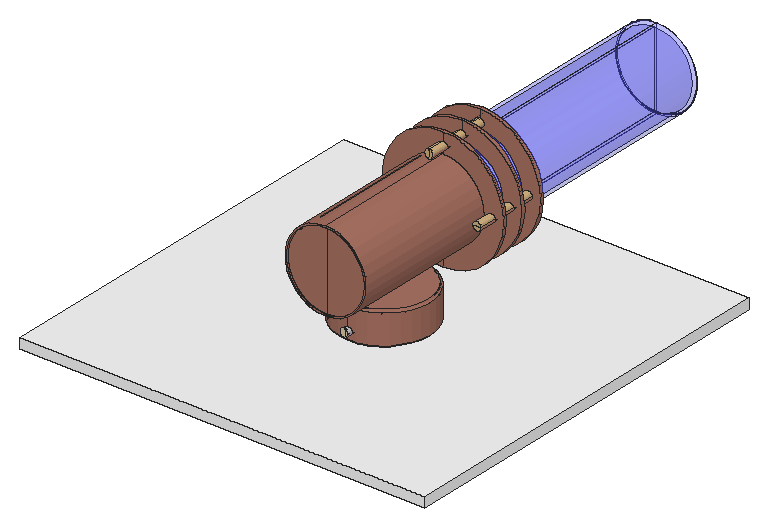
Revit family "BE_31094_en_GB", category Leuchten, Revit 2020
Family settings
  Basisbauteil = Fläche
  Bemaßung runder Anschluss = Durchmesser verwenden
  Teiletyp = Normal
  Beim Laden mit Abzugskörper schneiden = Ja
  Lichtquelle = Ja
  Gemeinsam genutzt = Nein
  Raumberechnungspunkt = Ja
Parameters (values of type "BEGA_31094_K3")
  Weight = "2.0 kg"
  Voltage = 239.996 V
  Update = "2022-05-18T04:00:13"
  URL = "https://www.bega.com/de/produkt/31094"
  Typenkommentare = "© 2020 BEGA. Technical amendments reserved."
  Surface_temperature = ""
  Service_life_criteria = "L70B50 @ 25 °C = 200000 h"
  Serial_number [instance] = "Here you can enter the individual serial number for use in facility management."
  Safety_class = "I"
  Restrictions_to_operation_position [instance] = ""
  Protection_class = "IP 44"
  Product_data_sheet = "https://cdn.bega.com/bega/products/31094K3/current/documents/data-sheets/en"
  Order_number = "31094K3"
  Number_of_luminaires = ""
  Modell = "31094K3"
  Material_31 = BEGA_finishes_brass_matt
  Material_28 = BEGA_finishes_copper_matt
  Material_18 = BEGA_rubber_black
  Material_17 = BEGA_reflector
  Material_15 = BEGA_lighting_medium_matt
  Material_11 = BEGA_glass_opal
  Material_09 = BEGA_glass_clear
  Material_06 = BEGA_finishes_stainless_steel_brushed
  Material_03 = BEGA_finishes_white_matt
  Material_02 = BEGA_finishes_silver_matt
  Material_01 [instance] = BEGA_finishes_graphite_matt
  Hersteller = "BEGA"  # constant formula
  M_W = no
  M_G = no
  M_A = no
  Luminaire_luminous_flux = "383 lm"
  Logo = 0
  Load_Classification = Lighting
  Lamp_luminous_flux = "590 lm"
  Lampe = "LED 2.9 W"
  LED_module_designation = "LED-0317/830"
  Half_beam_angle = ""
  Frequency = "0/50-60 Hz"
  Fixing_hole = "Ø 4,5 mm"
  Fixing_distance = "52 mm"
  Energy_efficiency_class = "LED A++ - A"
  built-in parameter 1150104 = 17.782 (stored number, unit not read)
  Wattage = 2.9 W
  ENEC = "yes"
  Distance_to_illuminated_objects [instance] = ""
  Description_custom_made_product = "Here you can specify modifications of your custom-made product"
  Beschreibung = "Wall luminaire"
  Default Elevation = 0 mm
  built-in parameter 1150113 = 1 (stored number, unit not read)
  Custom_made_product = no
  Current = ""
  Connecting_cable = ""
  Connected_wattage [instance] = "3.9 W"
  Colour_temperature = "3000 K"
  Colour_rendering_index = "CRI > 80"
  CE_conformity = "yes"
  Bega_IES = yes
  Ballproof = ""
  built-in parameter 1114218 = 1 (stored number, unit not read)
  built-in parameter 1150134 = (empty or 0)
  built-in parameter 1150109 = 1 (stored number, unit not read)
  built-in parameter 1150110 = 1 (stored number, unit not read)
  Tilt Angle = 0.00°
  built-in parameter 1114217 = 1 (stored number, unit not read)
  built-in parameter 1150139 = (empty or 0)
  built-in parameter 1150105 = 44.17 (stored number, unit not read)
  built-in parameter 1150114 = 1 (stored number, unit not read)
  Lumens = 555.06 lm
  built-in parameter 1150115 = 1 (stored number, unit not read)
  built-in parameter 1150112 = 1 (stored number, unit not read)
  built-in parameter 1150142 = (empty or 0)
  Dimming Lamp Color Temperature Shift = (empty or 0)
  Color Filter = 16777215
  BEGA_internal_structure = yes
  BEGA_internal_on = yes
  BEGA_internal_off = yes
  BEGA_internal = yes
  BEGA_dummy = no
  built-in parameter 1150133 = 10 (stored number, unit not read)
  built-in parameter 1150137 = (empty or 0)
  built-in parameter 1150132 = (empty or 0)
  Datei für fotometrisches Netz = "BE_31094K3.IES"
  built-in parameter 1150106 = 0.4417 (stored number, unit not read)
  built-in parameter 1150107 = 3000 (stored number, unit not read)
  built-in parameter 1150102 = (empty or 0)
  built-in parameter 1150138 = (empty or 0)
  Apparent Load = 0 VA
  Ambient_temperature = "25 °C"
  AC/DC = "AC/DC"
Reference planes
  plane 1 "Center (Front/Back)": y = 0
  plane 2: z = 0
  plane 3 "Center (Left/Right)": x = 0
  plane 4 "left": x = -60
  plane 5 "right": x = 60
  plane 6 "down": y = -72.5
  plane 7 "up": y = 337.5
  plane 8 "Back": z = 0
  plane 9 "Front": z = 133.673
Forms (mm)
  Extrusion 1, solid, material "BEGA_plate_white"
    sketch origin (0, 0, 0) x (1, 0, 0) y (0, 1, 0)
      loop
        line (-200, 200) -> (-200, -200) -> (200, -200) -> (200, 200) -> (-200, 200)
    from 0 to -10
  Extrusion 2, solid, material "BEGA_Dummy_matt", visible <- "BEGA_dummy"
    sketch origin (80.095, -76.023, 0) x (1, 0, 0) y (0, 1, 0)
      loop
        line (-140.095, 413.523) -> (-140.095, 3.523) -> (-20.095, 3.523) -> (-20.095, 413.523) -> (-140.095, 413.523)
    from 0 to 133.673
Dimensions and locks
  aligned and locked: plane 2 to Extrusion 1
  aligned and locked: level to Extrusion 1
Nested families
  nested 1: "BE_31094" at (0, 0, 0), type "BE_31094"
Connectors
  electrical at (0, 0, 0), driven by "Apparent Load", driven by "Load_Classification", driven by "Voltage"
    settings: on Extrusion 1, index 1, voltage 239.996 V, apparent load 0 VA, apparent load phase1 0 VA, apparent load phase2 0 VA, apparent load phase3 0 VA, power factor 1, load classification "Lighting", number of poles 1, system type 31, power factor state 1, is connector primary yes, connector utility no, sub classification motor no, connector description ""
Definition of nested family "BE_31094"
  Parameters (values of type "BE_31094")
    Default Elevation = 1 mm
    URL = "http://www.bega.de/de/produkt"
    Type Comments = "© 2015 BEGA. Wir behalten uns das Recht vor, technische Änderungen ohne vorherige Ankündigung vorzunehmen. "  # constant formula
    Type Image = (empty or 0)
    Neigungswinkel_um_Z2 = 0.00°
    Neigungswinkel_um_Z1 = 0.00°
    Neigungswinkel_um_Y2 = 0.00°
    Neigungswinkel_um_Y1 = 0.00°
    Neigungswinkel_um_X2 = 0.00°
    Neigungswinkel_um_X1 = 0.00°
    Material_31 = none
    Material_28 = none
    Material_18 = none
    Material_17 = none
    Material_15 = none
    Material_11 = none
    Material_09 = none
    Material_06 = none
    Material_05 = none
    Material_03 = none
    Material_02 = none
    Material_01 = none
    M_W = yes
    M_G = yes
    M_A = yes
    Länge_Platte = 200 mm  # constant formula
    Höhe_Platte = -10 mm  # constant formula
    Manufacturer = "BEGA"  # constant formula
    Drehwinkel_um_Z2 = 0.00°
    Drehwinkel_um_Z1 = 0.00°
    Breite_Platte = 200 mm  # constant formula
  Reference planes
    plane 1 "Mitte (Oben/Unten)": y = 0
    plane 2: z = 0
    plane 3 "Mitte (Links/Rechts)": x = 0
    plane 4: y = 337.5
    plane 5: z = 133.673
    plane 6: y = -72.5
    plane 7: z = 0
    plane 8: x = -60
    plane 9: x = 60
  Forms (mm)
    Extrusion 1, solid, detail levels medium
      sketch origin (0, 0, 0) x (1, 0, 0) y (0, 1, 0)
        loop
          line (-100, 100) -> (-100, -100) -> (100, -100) -> (100, 100) -> (-100, 100)
      from 0 to -10 <- "Höhe_Platte"
    Revolve 2, solid, material <- "Material_06", detail levels fine
      sketch origin (0, 0, 0) x (0, 1, 0) y (0, 0, 1)
        loop
          line (-49.382, 8.747) -> (-40.021, 8.747) -> (-40.021, 12.7) -> (-49.382, 12.7) -> (-49.382, 8.747)
        axis (-40.021, 8.747) -> (-49.382, 8.747)
      angle from 0 to 360
    Revolve 3, solid, material <- "Material_06", detail levels fine
      sketch origin (0, 0, 10) x (-1, 0, 0) y (0, -1, 0)
        loop
          line (-32.173, -32.173) -> (-30.579, -33.768)
          arc (-30.579, -33.768) -> (-30.034, -33.871) -> (-29.729, -33.407) r 0.5
          arc (-29.729, -33.407) -> (-30.687, -32.527) -> (-31.621, -31.621) r 45.5
          line (-31.621, -31.621) -> (-32.173, -32.173)
        axis (-32.173, -32.173) -> (-31.466, -31.466)
      angle from 0 to 360
    Revolve 4, solid, material <- "Material_06", detail levels medium+fine
      sketch origin (0, 0, 0) x (0, 1, 0) y (0, 0, 1)
        loop
          line (0, 2.75) -> (31.5, 2.75) -> (33.511, 0.538)
          arc (33.511, 0.538) -> (34.027, 0.141) -> (34.662, 0) r 1.5
          line (34.662, 0) -> (44.75, 0) -> (44.75, 1.25) -> (34.7, 1.25) -> (32.7, 3.495)
          arc (32.7, 3.495) -> (32.193, 3.868) -> (31.577, 4) r 1.5
          line (31.577, 4) -> (0, 4) -> (0, 2.75)
        axis (0, 4) -> (0, 0)
      angle from 0 to 360
    Extrusion 5, void
      sketch origin (0, 0, 0) x (1, 0, 0) y (0, 1, 0)
        loop
          circle (0, -4) r 8.5
        loop
          circle (26, 0) r 2.25
        loop
          circle (-26, 0) r 2.25
      from 1.889 to 4.816
    Revolve 6, solid, material <- "Material_28", detail levels medium+fine
      sketch origin (0, 0, 0) x (0, 1, 0) y (0, 0, 1)
        loop
          line (72.787, 33.673) -> (72.787, 35.673) -> (-68.5, 35.673) -> (-68.5, 73.673) -> (-71.5, 73.673) -> (-71.5, 35.173) -> (-72.5, 35.173) -> (-72.5, 33.673) -> (72.787, 33.673)
        axis (72.787, 73.673) -> (-72.5, 73.673)
      angle from 0 to 360
    Revolve 7, solid, material <- "Material_11", detail levels medium+fine
      sketch origin (0, 0, 0) x (0, 1, 0) y (0, 0, 1)
        loop
          line (334.5, 111.173) -> (334.5, 73.673) -> (337.5, 73.673) -> (337.5, 113.173)
          arc (337.5, 113.173) -> (337.207, 113.88) -> (336.5, 114.173) r 1
          line (336.5, 114.173) -> (78.5, 114.173)
          arc (78.5, 114.173) -> (77.793, 113.88) -> (77.5, 113.173) r 1
          line (77.5, 113.173) -> (77.5, 108.173) -> (56.639, 105.423) -> (52, 105.423) -> (52, 101.423) -> (78.5, 101.423)
          arc (78.5, 101.423) -> (79.914, 102.009) -> (80.5, 103.423) r 2
          line (80.5, 103.423) -> (80.5, 109.173)
          arc (80.5, 109.173) -> (81.086, 110.587) -> (82.5, 111.173) r 2
          line (82.5, 111.173) -> (334.5, 111.173)
        axis (337.5, 73.673) -> (52, 73.673)
      angle from 0 to 360
    Extrusion 8, solid, material <- "Material_18", detail levels medium+fine
      sketch origin (0, 0, 0) x (0, 1, 0) y (0, 0, 1)
        loop
          line (-19.509, 34.037) -> (-19.509, 33.026) -> (19.5, 33.026) -> (19.5, 34.037) -> (-19.509, 34.037)
      from -7 to 7
    Revolve 9, solid, material <- "Material_28", detail levels medium+fine
      sketch origin (0, 0, 0) x (0, 1, 0) y (0, 0, 1)
        loop
          line (118.2, 133.673) -> (118.2, 115.673) -> (121.2, 115.673) -> (121.2, 133.673) -> (118.2, 133.673)
        loop
          line (95.2, 133.673) -> (95.2, 115.673) -> (98.2, 115.673) -> (98.2, 133.673) -> (95.2, 133.673)
        axis (121.2, 73.673) -> (95.2, 73.673)
      angle from 0 to 360
    Revolve 10, solid, material <- "Material_28", detail levels medium+fine
      sketch origin (0, 0, 0) x (0, 1, 0) y (0, 0, 1)
        loop
          line (72.5, 133.673) -> (72.5, 109.222) -> (75.2, 109.222) -> (75.2, 133.673) -> (72.5, 133.673)
        axis (75.2, 73.673) -> (72.5, 73.673)
      angle from 0 to 360
    Revolve 11, solid, material <- "Material_31", detail levels medium+fine
      sketch origin (0, 0, 79.635) x (0, 0, -1) y (0, 1, 0)
        loop
          arc (-41.522, 123.5) -> (-43.831, 122.888) -> (-45.522, 121.2) r 4.6
          line (-45.522, 121.2) -> (-44.122, 121.2) -> (-44.122, 118.2) -> (-45.522, 118.2) -> (-45.522, 55.5) -> (-41.522, 55.5) -> (-41.522, 123.5)
        axis (-41.522, 123.5) -> (-41.522, 55.5)
      angle from 0 to 360
    Revolve 12, solid, material <- "Material_28", detail levels medium+fine
      sketch origin (0, 0, 0) x (0, 1, 0) y (0, 0, 1)
        loop
          line (45.5, 1.25) -> (45.5, 29.75)
          arc (45.5, 29.75) -> (44.139, 30.711) -> (43.5, 32.25) r 3
          line (43.5, 32.25) -> (0, 32.25) -> (0, 29.75) -> (41.5, 29.75) -> (43.5, 27.75) -> (43.5, 1.25) -> (45.5, 1.25)
        axis (0, 32.25) -> (0, 1.25)
      angle from 0 to 360
    Extrusion 13, solid, material <- "Material_28", detail levels medium+fine
      sketch origin (0, 0, 0) x (1, 0, 0) y (0, 0, 1)
        loop
          arc (9.5, 34.818) -> (0, 33.673) -> (-9.5, 34.818) r 40
          line (-9.5, 34.818) -> (-9.5, 32.25) -> (9.5, 32.25) -> (9.5, 34.818)
      from -22.901 to 22.875
    Revolve 14, solid, material <- "Material_31", detail levels medium+fine
      sketch origin (5.962, 0, 73.673) x (-1, 0, 0) y (0, 1, 0)
        loop
          arc (-41.522, 123.5) -> (-43.831, 122.888) -> (-45.522, 121.2) r 4.6
          line (-45.522, 121.2) -> (-44.122, 121.2) -> (-44.122, 118.2) -> (-45.522, 118.2) -> (-45.522, 55.5) -> (-41.522, 55.5) -> (-41.522, 123.5)
        axis (-41.522, 123.5) -> (-41.522, 55.5)
      angle from 0 to 360
    Revolve 15, solid, material <- "Material_31", detail levels medium+fine
      sketch origin (-5.961, 0, 73.673) x (1, 0, 0) y (0, 1, 0)
        loop
          arc (-41.522, 123.5) -> (-43.831, 122.888) -> (-45.522, 121.2) r 4.6
          line (-45.522, 121.2) -> (-44.122, 121.2) -> (-44.122, 118.2) -> (-45.522, 118.2) -> (-45.522, 55.5) -> (-41.522, 55.5) -> (-41.522, 123.5)
        axis (-41.522, 123.5) -> (-41.522, 55.5)
      angle from 0 to 360
    Revolve 16, solid, material <- "Material_31", detail levels medium+fine
      sketch origin (0, 0, 67.712) x (0, 0, 1) y (0, 1, 0)
        loop
          arc (-41.522, 123.5) -> (-43.831, 122.888) -> (-45.522, 121.2) r 4.6
          line (-45.522, 121.2) -> (-44.122, 121.2) -> (-44.122, 118.2) -> (-45.522, 118.2) -> (-45.522, 55.5) -> (-41.522, 55.5) -> (-41.522, 123.5)
        axis (-41.522, 123.5) -> (-41.522, 55.5)
      angle from 0 to 360
    Revolve 17, solid, material <- "Material_06", detail levels fine
      sketch origin (0, 0, 10) x (1, 0, 0) y (0, 1, 0)
        loop
          line (-32.173, 32.173) -> (-31.621, 31.621)
          arc (-31.621, 31.621) -> (-30.687, 32.527) -> (-29.729, 33.407) r 45.5
          arc (-29.729, 33.407) -> (-30.034, 33.871) -> (-30.579, 33.768) r 0.5
          line (-30.579, 33.768) -> (-32.173, 32.173)
        axis (-32.173, 32.173) -> (-31.466, 31.466)
      angle from 0 to 360
  Cuts and joins
    Extrusion 5 cuts Revolve 4
    joined: Revolve 6, Revolve 9, Revolve 10, Revolve 12, Extrusion 13
  Dimensions and locks
    equal spacing: Extrusion 1 sketch curve, plane 3 "Mitte (Links/Rechts)", Extrusion 1 sketch curve
    equal spacing: Extrusion 1 sketch curve, plane 1 "Mitte (Oben/Unten)", Extrusion 1 sketch curve
    "Länge_Platte": Extrusion 1 sketch curve to Extrusion 1 sketch curve
    "Breite_Platte": Extrusion 1 sketch curve to Extrusion 1 sketch curve
    aligned and locked: Extrusion 1 to plane 2
    aligned and locked: level to Extrusion 1
  Automatic sketch dimensions
    Revolve 3 sketch curve to Revolve 3 sketch curve = 0.553 mm  (x2)
    Revolve 3 sketch curve to Revolve 3 sketch curve = 1.594 mm  (x2)
    Revolve 3 sketch curve to Revolve 3 sketch curve = 0.35 mm
    Revolve 3 sketch curve to plane 3 "Mitte (Links/Rechts)" = 0.553 mm
    Revolve 3 sketch curve to plane 1 "Mitte (Oben/Unten)" = 33.768 mm
    Revolve 3 sketch curve to Revolve 3 sketch curve = 0.357 mm
    plane 1 "Mitte (Oben/Unten)" to Revolve 3 sketch curve = 0.553 mm
    Revolve 3 sketch curve to Revolve 3 sketch curve = 0 mm  (x2)
    Revolve 3 sketch curve to Revolve 3 sketch curve = 0.711 mm  (x2)
    Revolve 4 sketch curve to plane 1 "Mitte (Oben/Unten)" = 0 mm  (x2)
    level to Revolve 4 sketch curve = 2.75 mm
    Revolve 4 sketch curve to Revolve 4 sketch curve = 31.5 mm
    Revolve 4 sketch curve to Revolve 4 sketch curve = 0.077 mm
    level to Revolve 4 sketch curve = 3.495 mm
    Revolve 4 sketch curve to Revolve 4 sketch curve = 1.122 mm
    level to Revolve 4 sketch curve = 0.538 mm
    Revolve 4 sketch curve to Revolve 4 sketch curve = 1.934 mm
    Revolve 4 sketch curve to Revolve 4 sketch curve = 1.151 mm
    level to Revolve 4 sketch curve = 1.25 mm
    Revolve 4 sketch curve to Revolve 4 sketch curve = 0.038 mm
    Revolve 4 sketch curve to level = 0 mm
    Revolve 4 sketch curve to Revolve 4 sketch curve = 10.088 mm
    Revolve 4 sketch curve to Revolve 4 sketch curve = 0.25 mm
    Revolve 4 sketch curve to level = 3.15 mm
    Revolve 4 sketch curve to Revolve 4 sketch curve = 0 mm
    plane 1 "Mitte (Oben/Unten)" to Extrusion 5 sketch curve = 0 mm  (x2)
    Extrusion 5 sketch curve to plane 3 "Mitte (Links/Rechts)" = 0 mm
    plane 1 "Mitte (Oben/Unten)" to Extrusion 5 sketch curve = 4 mm
    Revolve 6 sketch curve to Revolve 6 sketch curve = 1 mm
    Revolve 6 sketch curve to Revolve 6 sketch curve = 3 mm
    level to Revolve 6 sketch curve = 33.673 mm
    Revolve 6 sketch curve to plane 1 "Mitte (Oben/Unten)" = 72.787 mm
    Revolve 6 sketch curve to Revolve 6 sketch curve = 1.5 mm
    Revolve 6 sketch curve to Revolve 6 sketch curve = 2 mm
    Revolve 6 sketch curve to Revolve 6 sketch curve = 38 mm
    Revolve 6 sketch curve to Revolve 6 sketch curve = 0 mm
    Revolve 7 sketch curve to plane 1 "Mitte (Oben/Unten)" = 52 mm
    Revolve 7 sketch curve to Revolve 7 sketch curve = 4.639 mm
    Revolve 7 sketch curve to Revolve 7 sketch curve = 20.861 mm
    Revolve 7 sketch curve to Revolve 7 sketch curve = 1 mm  (x3)
    Revolve 7 sketch curve to Revolve 7 sketch curve = 5 mm
    Revolve 7 sketch curve to Revolve 7 sketch curve = 2 mm  (x4)
    Revolve 7 sketch curve to Revolve 7 sketch curve = 4 mm  (x2)
    Revolve 7 sketch curve to Revolve 7 sketch curve = 4.75 mm
    Revolve 7 sketch curve to Revolve 7 sketch curve = 0 mm  (x11)
    Revolve 7 sketch curve to Revolve 7 sketch curve = 39.942 mm
    plane 1 "Mitte (Oben/Unten)" to Extrusion 8 sketch curve = 19.509 mm
    Extrusion 8 sketch curve to plane 1 "Mitte (Oben/Unten)" = 19.5 mm
    level to Extrusion 8 sketch curve = 33.026 mm
    Extrusion 8 sketch curve to Extrusion 8 sketch curve = 1.011 mm
    Revolve 9 sketch curve to plane 1 "Mitte (Oben/Unten)" = 95.2 mm
    Revolve 9 sketch curve to Revolve 9 sketch curve = 3 mm  (x2)
    Revolve 9 sketch curve to Revolve 9 sketch curve = 20 mm
    Revolve 9 sketch curve to Revolve 9 sketch curve = 18 mm  (x2)
    plane 1 "Mitte (Oben/Unten)" to Revolve 9 sketch curve = 9.801 mm
    Revolve 10 sketch curve to plane 1 "Mitte (Oben/Unten)" = 72.5 mm
    Revolve 10 sketch curve to Revolve 10 sketch curve = 2.7 mm
    Revolve 10 sketch curve to Revolve 10 sketch curve = 3.856 mm
    Revolve 10 sketch curve to Revolve 10 sketch curve = 20 mm
    Revolve 10 sketch curve to Revolve 10 sketch curve = 35.549 mm
    Revolve 11 sketch curve to plane 1 "Mitte (Oben/Unten)" = 55.5 mm
    Revolve 11 sketch curve to Revolve 11 sketch curve = 0 mm  (x2)
    Revolve 11 sketch curve to Revolve 11 sketch curve = 1.4 mm
    Revolve 11 sketch curve to Revolve 11 sketch curve = 2.584 mm
    Revolve 11 sketch curve to Revolve 11 sketch curve = 2.6 mm
    Revolve 11 sketch curve to Revolve 11 sketch curve = 62.7 mm
    Revolve 11 sketch curve to Revolve 11 sketch curve = 0.7 mm  (x2)
    Revolve 11 sketch curve to Revolve 11 sketch curve = 3 mm
    Revolve 11 sketch curve to Revolve 11 sketch curve = 2 mm
    Revolve 12 sketch curve to plane 1 "Mitte (Oben/Unten)" = 0 mm  (x2)
    Revolve 12 sketch curve to plane 1 "Mitte (Oben/Unten)" = 41.5 mm
    Revolve 12 sketch curve to Revolve 12 sketch curve = 2 mm  (x5)
    level to Revolve 12 sketch curve = 1.25 mm
    Revolve 12 sketch curve to Revolve 12 sketch curve = 2.981 mm
    Revolve 12 sketch curve to Revolve 12 sketch curve = 26.5 mm
    Revolve 12 sketch curve to Revolve 12 sketch curve = 2.5 mm
    Revolve 12 sketch curve to Revolve 12 sketch curve = 7.5 mm
    Revolve 12 sketch curve to Revolve 12 sketch curve = 0 mm
    Extrusion 13 sketch curve to plane 3 "Mitte (Links/Rechts)" = 0 mm
    Extrusion 13 sketch curve to plane 3 "Mitte (Links/Rechts)" = 9.5 mm
    plane 3 "Mitte (Links/Rechts)" to Extrusion 13 sketch curve = 9.5 mm
    level to Extrusion 13 sketch curve = 32.25 mm
    Extrusion 13 sketch curve to Extrusion 13 sketch curve = 2.568 mm
    Revolve 14 sketch curve to plane 1 "Mitte (Oben/Unten)" = 55.5 mm
    Revolve 14 sketch curve to Revolve 14 sketch curve = 0 mm  (x2)
    Revolve 14 sketch curve to Revolve 14 sketch curve = 1.4 mm
    Revolve 14 sketch curve to Revolve 14 sketch curve = 2.584 mm
    Revolve 14 sketch curve to Revolve 14 sketch curve = 2.6 mm
    Revolve 14 sketch curve to Revolve 14 sketch curve = 62.7 mm
    Revolve 14 sketch curve to Revolve 14 sketch curve = 0.7 mm  (x2)
    Revolve 14 sketch curve to Revolve 14 sketch curve = 3 mm
    Revolve 14 sketch curve to Revolve 14 sketch curve = 2 mm
    Revolve 15 sketch curve to plane 1 "Mitte (Oben/Unten)" = 55.5 mm
    Revolve 15 sketch curve to Revolve 15 sketch curve = 0 mm  (x2)
    Revolve 15 sketch curve to Revolve 15 sketch curve = 1.4 mm
    Revolve 15 sketch curve to Revolve 15 sketch curve = 2.584 mm
    Revolve 15 sketch curve to Revolve 15 sketch curve = 2.6 mm
    Revolve 15 sketch curve to Revolve 15 sketch curve = 62.7 mm
    Revolve 15 sketch curve to Revolve 15 sketch curve = 0.7 mm  (x2)
    Revolve 15 sketch curve to Revolve 15 sketch curve = 3 mm
    Revolve 15 sketch curve to Revolve 15 sketch curve = 2 mm
    Revolve 16 sketch curve to plane 1 "Mitte (Oben/Unten)" = 55.5 mm
    Revolve 16 sketch curve to Revolve 16 sketch curve = 0 mm  (x2)
    Revolve 16 sketch curve to Revolve 16 sketch curve = 1.4 mm
    Revolve 16 sketch curve to Revolve 16 sketch curve = 2.584 mm
    Revolve 16 sketch curve to Revolve 16 sketch curve = 2.6 mm
    Revolve 16 sketch curve to Revolve 16 sketch curve = 62.7 mm
    Revolve 16 sketch curve to Revolve 16 sketch curve = 0.7 mm  (x2)
    Revolve 16 sketch curve to Revolve 16 sketch curve = 3 mm
    Revolve 16 sketch curve to Revolve 16 sketch curve = 2 mm
    Revolve 17 sketch curve to Revolve 17 sketch curve = 0.553 mm  (x2)
    Revolve 17 sketch curve to Revolve 17 sketch curve = 1.594 mm
    Revolve 17 sketch curve to Revolve 17 sketch curve = 0.35 mm
    plane 3 "Mitte (Links/Rechts)" to Revolve 17 sketch curve = 0.553 mm
    plane 1 "Mitte (Oben/Unten)" to Revolve 17 sketch curve = 0.553 mm
    Revolve 17 sketch curve to plane 1 "Mitte (Oben/Unten)" = 31.621 mm
    Revolve 17 sketch curve to Revolve 17 sketch curve = 1.79 mm
    Revolve 17 sketch curve to Revolve 17 sketch curve = 0.357 mm
    Revolve 17 sketch curve to Revolve 17 sketch curve = 0 mm  (x2)
    Revolve 17 sketch curve to Revolve 17 sketch curve = 0.711 mm  (x2)
    level to Revolve 2 sketch curve = 8.747 mm
    Revolve 2 sketch curve to Revolve 2 sketch curve = 3.953 mm
    Revolve 2 sketch curve to Revolve 2 sketch curve = 0 mm  (x2)
    Revolve 2 sketch curve to Revolve 2 sketch curve = 2 mm
    Revolve 6 sketch curve to Revolve 6 sketch curve = 122.513 mm
    Revolve 7 sketch curve to plane 4 = 0 mm
    Revolve 9 sketch curve to plane 4 = 107.5 mm
    plane 6 to Revolve 2 sketch curve = 23.118 mm
    Revolve 2 sketch curve to Revolve 2 sketch curve = 9.361 mm
    Revolve 6 sketch curve to plane 6 = 0 mm
    Revolve 6 sketch curve to Revolve 6 sketch curve = 23.999 mm
    Revolve 7 sketch curve to plane 4 = 3 mm
    plane 5 to Revolve 7 sketch curve = 60 mm
    plane 5 to Revolve 7 sketch curve = 32.25 mm
    plane 5 to Revolve 7 sketch curve = 22.5 mm
    plane 5 to Revolve 9 sketch curve = 0 mm  (x2)
    plane 5 to Revolve 9 sketch curve = 60 mm
    plane 5 to Revolve 10 sketch curve = 0 mm
    plane 5 to Revolve 10 sketch curve = 24.451 mm
    Extrusion 13 sketch curve to Extrusion 13 sketch curve = 38.856 mm
    Extrusion 5 sketch curve to plane 3 "Mitte (Links/Rechts)" = 26 mm
    Revolve 17 sketch curve to plane 3 "Mitte (Links/Rechts)" = 30.229 mm
    plane 3 "Mitte (Links/Rechts)" to Revolve 3 sketch curve = 30.229 mm
    plane 3 "Mitte (Links/Rechts)" to Extrusion 5 sketch curve = 26 mm
    radius of Extrusion 5 sketch curve = 8.5 mm
    radius of Extrusion 5 sketch curve = 2.25 mm  (x2)
